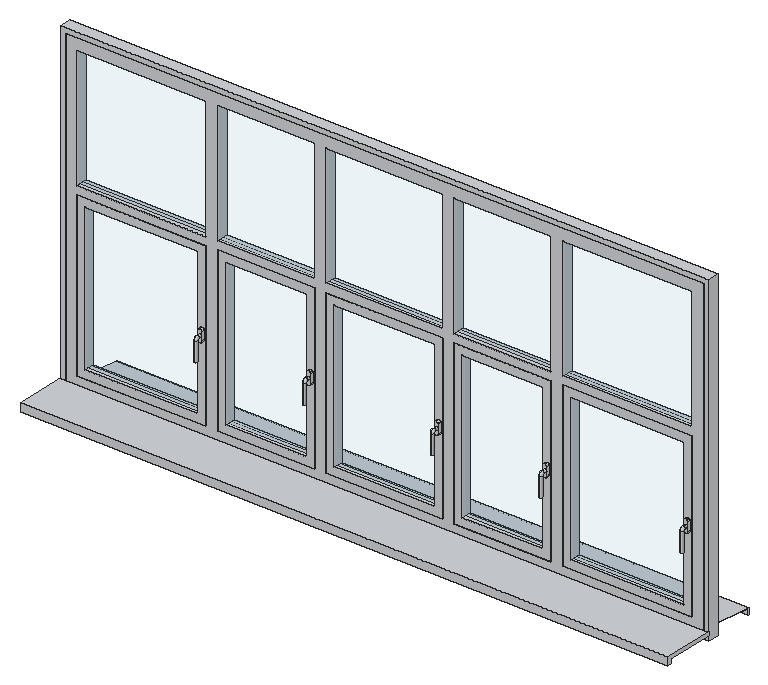
Revit family "AVLN_Окно_Фрамуга_5 створки", category Окна, Revit 2021
Family settings
  Основа = Стена
  Номер OmniClass = 23.30.20.00
  Заголовок OmniClass = Windows
  Всегда вертикально = Да
  При загрузке вырезать с полостями = Нет
  Общий = Нет
  Точка принадлежности помещению = Нет
Parameters (values of type "Для копирования!")
  Ширина рамы = 70 mm
  Ширина импоста = 50 mm
  Четверть слева/справа = 50 mm
  Четверть низ = 0 mm  # constant formula
  Четверть верх = 50 mm
  Фрамуга_снизу_высота = 1000 mm
  Створка_центр_ширина = Width - ((Монтажный зазор * 2) + (Ширина рамы * 6) + Створка_слева_ширина + Створка_справа_ширина + Створка_лево центр_ширина + Створка_право центр_ширина)  # 720 mm
  Низ центр открывание = АВЛН_Створка открывная : Створка повороно-откидная левая
  Низ право центр открывание = АВЛН_Створка открывная : Створка повороно-откидная левая
  Низ право открывание = АВЛН_Створка открывная : Створка повороно-откидная левая
  Низ лево центр открывание = АВЛН_Створка открывная : Створка повороно-откидная левая
  Низ лево открывание = АВЛН_Створка открывная : Створка повороно-откидная левая
  Створка_толщина = 25 mm  # constant formula
  Толщина основы [instance] = 200 mm
  Створка_право центр_ширина = 600 mm
  Створка_справа_ширина = 800 mm
  Створка_слева_ширина = 800 mm
  Створка_профиль = 50 mm
  Створка_лево центр_ширина = 600 mm
  Створка_высота = Height - (Фрамуга_снизу_высота + (Ширина рамы * 2) + Ширина импоста + (Монтажный зазор * 2))  # 750 mm
  Верх центр открывание = АВЛН_Створка открывная : Створка глухая
  Верх право открывание = АВЛН_Створка открывная : Створка глухая
  Верх лево центр открывание = АВЛН_Створка открывная : Створка глухая
  Верх лево открывание = АВЛН_Створка открывная : Створка глухая
  Верх право центр открывание = АВЛН_Створка открывная : Створка глухая
  Rough Width = Width - Монтажный зазор * 2  # 3940 mm
  Rough Height = Height - Монтажный зазор * 2  # 1940 mm
  Подстановочный профиль_Ширина = 20 mm  # constant formula
  Подстановочный профиль_Толщина = 60 mm
  Подоконник_Толщина = 20 mm
  Подоконник_Длина = Width  # 4000 mm
  Подоконник_Глубина = 280 mm
  Подоконник = yes
  Глубина вставки = 0 mm
  Отлив_Толщина = 1 mm  # constant formula
  Отлив_Длина = Width - [Четверть слева/справа] * 2  # 3900 mm
  Отлив_Глубина = 280 mm
  Отлив = yes
  Откос_Н.Ширина = Width - 2 * [Четверть слева/справа]  # 3900 mm
  Откос_Н.Толщина.8 = 32 mm
  Откос_Н.Толщина.7 = 28 mm
  Откос_Н.Толщина.6 = 24 mm
  Откос_Н.Толщина.5 = 20 mm
  Откос_Н.Толщина.4 = 16 mm
  Откос_Н.Толщина.3 = 12 mm
  Откос_Н.Толщина.2 = 8 mm
  Откос_Н.Толщина.1 = 4 mm
  Откос_Н.Отступ_П = 0 mm  # constant formula
  Откос_Н.Отступ_Л = 0 mm  # constant formula
  Откос_Н.Количество слоев = 0
  Откос_Н.Глубина = 150 mm
  Откос_Н.Высота = Height - Четверть верх - Четверть низ  # 1950 mm
  Откос_В.Толщина.8 = 32 mm
  Откос_В.Толщина.7 = 28 mm
  Откос_В.Толщина.6 = 24 mm
  Откос_В.Толщина.5 = 20 mm
  Откос_В.Толщина.4 = 16 mm
  Откос_В.Толщина.3 = 12 mm
  Откос_В.Толщина.2 = 8 mm
  Откос_В.Толщина.1 = 4 mm
  Откос_В.Отступ_П [instance] = Монтажный зазор + Подоконник_Толщина  # 50 mm
  Откос_В.Отступ_Л [instance] = Монтажный зазор + Подоконник_Толщина  # 50 mm
  Откос_В.Количество слоев = 0
  Откос_В.Глубина [instance] = Толщина основы - Глубина вставки - Ширина рамы  # 130 mm
  Монтажный зазор = 30 mm
  М.Подоконник = none
  М.Отлив = none
  М.Откос_Н.8 = none
  М.Откос_Н.7 = none
  М.Откос_Н.6 = none
  М.Откос_Н.5 = none
  М.Откос_Н.4 = none
  М.Откос_Н.3 = none
  М.Откос_Н.2 = none
  М.Откос_Н.1 = none
  М.Откос_В.8 = none
  М.Откос_В.7 = none
  М.Откос_В.6 = none
  М.Откос_В.5 = none
  М.Откос_В.4 = none
  М.Откос_В.3 = none
  М.Откос_В.2 = none
  М.Откос_В.1 = none
  М.Монтажного зазора = none
  М.Стекла = Стекло
  М.Рамы = none
  М.Подоконный профиль = none
  Type Comments = ""
  Height = 2000 mm
  Высота подоконника по умолчанию = 800 mm
  Замыкание стены = По основе
  Width = 4000 mm
  Аналитическая конструкция = "<Нет>"
  АВЛН_Проем_Ширина [instance] = Width  # 4000 mm
  АВЛН_Проем_Высота [instance] = Height  # 2000 mm
  ADSK_Этаж [instance] = ""
  ADSK_Размер_Ширина = Width  # 4000 mm
  ADSK_Размер_Высота = Height  # 2000 mm
  ADSK_Примечание [instance] = ""
  ADSK_Площадь = Height * Width  # 8.00 m²
  ADSK_Обозначение = ""
  ADSK_Номер секции [instance] = ""
  ADSK_Наименование = ""
  ADSK_Марка = ""
  ADSK_Группирование = ""
  -----------Разрезка----------- = "-----------"  # constant formula
  -----------Профили----------- = "-----------"  # constant formula
  -----------Подоконник----------- = "-----------"  # constant formula
  -----------Отлив----------- = "-----------"  # constant formula
  -----------Откос----------- = "-----------"  # constant formula
  -----------Основные габариты----------- = "-----------"  # constant formula
  -----------Вставка----------- = "-----------"  # constant formula
Reference planes
  plane 1 "По центру (Вперед/Назад)": y = 0
  plane 2 "По центру (Влево/Вправо)": x = 0
  plane 3 "Слева": x = -2000
  plane 4 "Справа": x = 2000
  plane 5 "Подоконник": z = 800
  plane 6 "Заголовок": z = 2800
  plane 7 "Наружный": y = 100
  plane 8 "Внутренние": y = -100
  plane 9 "Окно": y = 100
  plane 10: x = 1970
  plane 11: z = 2770
  plane 12: x = -1970
  plane 13: z = 830
  plane 14: x = 1950
  plane 15: x = -1950
  plane 16: z = 1800
  plane 17: y = 600
  plane 18: y = -400
  plane 19: z = 2750
  plane 20 "Чет. низ": z = 800
  plane 21 "Внутренняя грань": y = 30
  plane 22: y = 80
  plane 23 "Импост верх": z = 1950
  plane 24 "Импост низ": z = 1900
  plane 25: z = 900
  plane 26: z = 2700
  plane 27: x = -1900
  plane 28: x = 1900
  plane 29 "4": z = 1925
  plane 30 "5": x = -1100
  plane 31 "6": x = -1030
  plane 32 "7": x = 1030
  plane 33 "8": x = 1100
  plane 34 "9": x = -395
  plane 35 "10": x = 1500
  plane 36 "11": x = -1500
  plane 37 "12": z = 2325
  plane 38 "13": x = -730
  plane 39 "14": x = 730
  plane 40 "15": x = -430
  plane 41 "16": x = -360
  plane 42: z = 1400
  plane 43 "18": x = 395
  plane 44 "19": x = 360
  plane 45 "20": x = 430
  plane 46 "0": x = 0
Forms (mm)
  Extrusion 1, void
    sketch origin (0, 100, 0) x (1, 0, 0) y (0, 0, 1)
      loop
        line (1950, 2750) -> (-1950, 2750) -> (-1950, 800) -> (1950, 800) -> (1950, 2750)
    from -500 to 20
  Extrusion 2, void
    sketch origin (0, 100, 0) x (1, 0, 0) y (0, 0, 1)
      loop
        line (2000, 2800) -> (-2000, 2800) -> (-2000, 800) -> (2000, 800) -> (2000, 2800)
    from 0 to 500
  Extrusion 3, solid, material <- "М.Монтажного зазора", detail levels medium+fine
    sketch origin (0, 100, 0) x (1, 0, 0) y (0, 0, 1)
      loop
        line (2000, 2800) -> (-2000, 2800) -> (-2000, 800) -> (2000, 800) -> (2000, 2800)
      loop
        line (-1970, 2770) -> (-1970, 830) -> (1970, 830) -> (1970, 2770) -> (-1970, 2770)
    from 0 to 70
  Extrusion 4, solid, material <- "М.Рамы", detail levels medium+fine
    sketch origin (0, 100, 0) x (-1, 0, 0) y (0, 0, 1)
      loop
        line (-1970, 2770) -> (-1970, 830) -> (1970, 830) -> (1970, 2770) -> (-1970, 2770)
      loop
        line (1030, 900) -> (1030, 1900) -> (430, 1900) -> (430, 900) -> (1030, 900)
      loop
        line (-1030, 900) -> (-430, 900) -> (-430, 1900) -> (-1030, 1900) -> (-1030, 900)
      loop
        line (-1100, 2700) -> (-1900, 2700) -> (-1900, 1950) -> (-1100, 1950) -> (-1100, 2700)
      loop
        line (-1100, 900) -> (-1100, 1900) -> (-1900, 1900) -> (-1900, 900) -> (-1100, 900)
      loop
        line (1030, 1950) -> (1030, 2700) -> (430, 2700) -> (430, 1950) -> (1030, 1950)
      loop
        line (-1030, 1950) -> (-430, 1950) -> (-430, 2700) -> (-1030, 2700) -> (-1030, 1950)
      loop
        line (360, 1950) -> (360, 2700) -> (-360, 2700) -> (-360, 1950) -> (360, 1950)
      loop
        line (360, 1900) -> (-360, 1900) -> (-360, 900) -> (360, 900) -> (360, 1900)
      loop
        line (1100, 2700) -> (1100, 1950) -> (1900, 1950) -> (1900, 2700) -> (1100, 2700)
      loop
        line (1100, 1900) -> (1100, 900) -> (1900, 900) -> (1900, 1900) -> (1100, 1900)
    from -70 to 0
Lines and regions (mm)
  reference lines
    curve 1: line (-2000, -100, 1925) -> (2000, -100, 1925)
    curve 2: line (-1065, -100, 2800) -> (-1065, -100, 800)
    curve 3: line (1065, -100, 2800) -> (1065, -100, 800)
    curve 4: line (-395, -100, 2800) -> (-395, -100, 800)
Text (mm)
  text "EXTERIOR" at (-1963.203, 1332.353, 0), in view "Опорный уровень"
  text "INTERIOR" at (-1981.466, -818.386, 0), in view "Опорный уровень"
  text "Наружный" at (0, 923.751, 2943.296), in view "Справа"
  text "Наружный" at (0, 1240.237, 2685.409), in view "Слева"
Dimensions and locks
  equal spacing: plane 3 "Слева", plane 2 "По центру (Влево/Вправо)", plane 4 "Справа"
  "Width": plane 3 "Слева" to plane 4 "Справа"
  "Height": plane 5 "Подоконник" to plane 6 "Заголовок"
  "Высота подоконника по умолчанию": plane 5 "Подоконник" to level
  locked: plane 7 "Наружный" to host wall at 0
  locked: plane 8 "Внутренние" to host wall
  "Глубина вставки": plane 9 "Окно" to plane 7 "Наружный"
  "Монтажный зазор": plane 10 to plane 4 "Справа"
  "Монтажный зазор": plane 3 "Слева" to plane 12
  "Монтажный зазор": plane 11 to plane 6 "Заголовок"
  "Монтажный зазор": plane 5 "Подоконник" to plane 13
  "Четверть слева/справа": plane 14 to plane 4 "Справа"
  "Четверть слева/справа": plane 3 "Слева" to plane 15
  equal spacing: plane 5 "Подоконник", plane 16, plane 6 "Заголовок"
  locked: plane 7 "Наружный" to plane 17 at 500
  locked: plane 18 to plane 8 "Внутренние" at 300
  "Четверть верх": plane 19 to plane 6 "Заголовок"
  "Четверть низ": plane 5 "Подоконник" to plane 20 "Чет. низ"
  "Ширина рамы": plane 9 "Окно" to plane 21 "Внутренняя грань"
  "Толщина основы": host wall to host wall
  locked: plane 22 to plane 21 "Внутренняя грань" at 50
  "Ширина импоста": plane 24 "Импост низ" to plane 23 "Импост верх"
  "Ширина рамы": plane 28 to plane 10
  "Ширина рамы": plane 12 to plane 27
  "Ширина рамы": plane 13 to plane 25
  "Ширина рамы": plane 26 to plane 11
  plane 23 "Импост верх" to plane 26 = 750 mm
  "Фрамуга_снизу_высота": plane 25 to plane 24 "Импост низ"
  equal spacing: plane 23 "Импост верх", plane 29 "4", plane 24 "Импост низ"
  "Створка_слева_ширина": plane 27 to plane 30 "5"
  "Ширина рамы": plane 30 "5" to plane 31 "6"
  "Ширина рамы": plane 32 "7" to plane 33 "8"
  "Створка_справа_ширина": plane 33 "8" to plane 28
  equal spacing: plane 32 "7", curve 3, plane 33 "8"
  equal spacing: plane 30 "5", curve 2, plane 31 "6"
  equal spacing: plane 33 "8", plane 35 "10", plane 28
  equal spacing: plane 27, plane 36 "11", plane 30 "5"
  equal spacing: plane 26, plane 37 "12", plane 23 "Импост верх"
  equal spacing: plane 40 "15", plane 34 "9", plane 41 "16"
  "Ширина рамы": plane 40 "15" to plane 41 "16"
  equal spacing: plane 31 "6", plane 38 "13", plane 40 "15"
  equal spacing: plane 45 "20", plane 39 "14", plane 32 "7"
  equal spacing: plane 24 "Импост низ", plane 42, plane 25
  equal spacing: plane 44 "19", plane 43 "18", plane 45 "20"
  "Ширина рамы": plane 44 "19" to plane 45 "20"
  equal spacing: plane 41 "16", plane 46 "0", plane 44 "19"
  "Створка_лево центр_ширина": plane 31 "6" to plane 40 "15"
  "Створка_право центр_ширина": plane 45 "20" to plane 32 "7"
  aligned and locked: Extrusion 1 sketch curve to plane 14
  aligned and locked: Extrusion 1 sketch curve to plane 15
  aligned and locked: Extrusion 1 to plane 17
  aligned and locked: Extrusion 2 sketch curve to plane 6 "Заголовок"
  aligned and locked: Extrusion 2 sketch curve to plane 4 "Справа"
  aligned and locked: plane 5 "Подоконник" to Extrusion 2 sketch curve
  aligned and locked: plane 3 "Слева" to Extrusion 2 sketch curve
  aligned and locked: Extrusion 2 to plane 9 "Окно"
  aligned and locked: Extrusion 2 to plane 18
  aligned and locked: Extrusion 1 sketch curve to plane 19
  aligned and locked: Extrusion 1 sketch curve to plane 20 "Чет. низ"
  aligned and locked: plane 9 "Окно" to nested 1
  aligned and locked: plane 2 "По центру (Влево/Вправо)" to nested 1
  aligned and locked: nested 2 to plane 21 "Внутренняя грань"
  aligned and locked: nested 2 to plane 2 "По центру (Влево/Вправо)"
  aligned and locked: nested 3 to plane 2 "По центру (Влево/Вправо)"
  aligned and locked: plane 8 "Внутренние" to nested 3
  aligned and locked: nested 4 to plane 9 "Окно"
  aligned and locked: Extrusion 3 sketch curve to plane 6 "Заголовок"
  aligned and locked: Extrusion 3 sketch curve to plane 4 "Справа"
  aligned and locked: Extrusion 3 sketch curve to nested 2  (x2)
  aligned and locked: Extrusion 3 sketch curve to plane 11
  aligned and locked: Extrusion 3 sketch curve to plane 12
  aligned and locked: Extrusion 3 sketch curve to plane 13
  aligned and locked: Extrusion 3 sketch curve to plane 10
  aligned and locked: Extrusion 3 to nested 2
  aligned and locked: nested 4 to plane 20 "Чет. низ"
  aligned and locked: nested 4 to plane 2 "По центру (Влево/Вправо)"
  aligned and locked: Extrusion 3 to plane 9 "Окно"
  aligned and locked: Extrusion 4 to plane 21 "Внутренняя грань"
  aligned and locked: Extrusion 4 to plane 9 "Окно"
  aligned and locked: Extrusion 1 to plane 22
  aligned and locked: curve 1 to plane 29 "4"
  aligned and locked: plane 3 "Слева" to curve 1
  aligned and locked: plane 4 "Справа" to curve 1
  aligned and locked: plane 6 "Заголовок" to curve 2
  aligned and locked: plane 6 "Заголовок" to curve 3
  aligned and locked: plane 5 "Подоконник" to curve 3
  aligned and locked: plane 5 "Подоконник" to curve 2
  aligned and locked: plane 34 "9" to curve 4
  aligned and locked: plane 35 "10" to nested 6
  aligned and locked: nested 6 to plane 37 "12"
  aligned and locked: plane 39 "14" to nested 8
  aligned and locked: nested 8 to plane 37 "12"
  aligned and locked: plane 37 "12" to nested 7
  aligned and locked: plane 37 "12" to nested 5
  aligned and locked: plane 36 "11" to nested 5
  aligned and locked: plane 38 "13" to nested 7
  aligned and locked: plane 42 to nested 9
  aligned and locked: plane 36 "11" to nested 9
  aligned and locked: plane 42 to nested 10
  aligned and locked: plane 38 "13" to nested 10
  aligned and locked: plane 42 to nested 11
  aligned and locked: plane 39 "14" to nested 11
  aligned and locked: nested 12 to plane 42
  aligned and locked: plane 35 "10" to nested 12
  aligned and locked: Extrusion 4 sketch curve to plane 10
  aligned and locked: Extrusion 4 sketch curve to plane 13
  aligned and locked: Extrusion 4 sketch curve to plane 12
  aligned and locked: Extrusion 4 sketch curve to plane 11
  aligned and locked: Extrusion 4 sketch curve to plane 25  (x2)
  aligned and locked: plane 25 to Extrusion 4 sketch curve  (x2)
  aligned and locked: plane 24 "Импост низ" to Extrusion 4 sketch curve  (x3)
  aligned and locked: plane 23 "Импост верх" to Extrusion 4 sketch curve  (x3)
  aligned and locked: plane 26 to Extrusion 4 sketch curve  (x3)
  aligned and locked: Extrusion 4 sketch curve to plane 26
  aligned and locked: Extrusion 4 sketch curve to plane 28  (x2)
  aligned and locked: plane 33 "8" to Extrusion 4 sketch curve  (x2)
  aligned and locked: plane 32 "7" to Extrusion 4 sketch curve  (x2)
  aligned and locked: Extrusion 4 sketch curve to plane 41 "16"
  aligned and locked: plane 41 "16" to Extrusion 4 sketch curve
  aligned and locked: Extrusion 4 sketch curve to plane 40 "15"  (x2)
  aligned and locked: plane 31 "6" to Extrusion 4 sketch curve  (x2)
  aligned and locked: plane 30 "5" to Extrusion 4 sketch curve  (x2)
  aligned and locked: Extrusion 4 sketch curve to plane 23 "Импост верх"
  aligned and locked: Extrusion 4 sketch curve to plane 24 "Импост низ"
  aligned and locked: Extrusion 4 sketch curve to plane 27  (x2)
  aligned and locked: plane 37 "12" to nested 13
  aligned and locked: plane 42 to nested 14
  aligned and locked: plane 46 "0" to nested 13
  aligned and locked: plane 46 "0" to nested 14
  aligned and locked: plane 45 "20" to Extrusion 4 sketch curve  (x2)
  aligned and locked: plane 44 "19" to Extrusion 4 sketch curve  (x2)
  aligned and locked: plane 46 "0" to nested 15
  aligned and locked: nested 15 to plane 16
Automatic sketch dimensions
  curve 4 to plane 6 "Заголовок" = 0 mm
  curve 4 to plane 5 "Подоконник" = 0 mm
  plane 23 "Импост верх" to Extrusion 4 sketch curve = 0 mm
  Extrusion 4 sketch curve to plane 24 "Импост низ" = 0 mm
  Extrusion 4 sketch curve to plane 25 = 0 mm
  Extrusion 4 sketch curve to plane 26 = 0 mm
Nested families
  nested 1: "Отлив" at (0, 100, 800) x (-1, 0, 0) z (0, 0, 1), Глубина отлива <- "Отлив_Глубина", Длина отлива <- "Отлив_Длина", ТО <- "Отлив_Толщина", Ш_МЗЗ <- "Монтажный зазор", Ш_ПП <- "Подстановочный профиль_Ширина", ADSK_Группирование <- "ADSK_Группирование", ADSK_Номер секции <- "ADSK_Номер секции", ADSK_Этаж <- "ADSK_Этаж", visible <- "Отлив", М <- "М.Отлив", type "Отлив", detail levels fine
    with Ш_ПП 20 mm, Ш_МЗЗ 30 mm, ТО 1 mm, М none, Длина отлива 3900 mm, Глубина отлива 280 mm, ADSK_Этаж "", ADSK_Примечание "", ADSK_Обозначение "", ADSK_Номер секции "", ADSK_Наименование "", ADSK_Марка "", ADSK_Группирование ""
  nested 2: "Подоконник" at (0, 30, 800), Глубина подоконника <- "Подоконник_Глубина", Длина отлива <- "Подоконник_Длина", ТП <- "Подоконник_Толщина", Ш_МЗЗ <- "Монтажный зазор", Ш_ПП <- "Подстановочный профиль_Ширина", ADSK_Группирование <- "ADSK_Группирование", ADSK_Номер секции <- "ADSK_Номер секции", ADSK_Этаж <- "ADSK_Этаж", visible <- "Подоконник", М <- "М.Подоконник", type "Подоконник", detail levels fine
    with Ш_ПП 20 mm, Ш_МЗЗ 30 mm, ТП 20 mm, М none, Длина отлива 4000 mm, Глубина подоконника 280 mm, ADSK_Этаж "", ADSK_Примечание "", ADSK_Обозначение "", ADSK_Номер секции "", ADSK_Наименование "", ADSK_Марка "", ADSK_Группирование ""
  nested 3: "AVLN_Откосы_R19" at (0, -100, 0), Глубина <- "Откос_В.Глубина", Высота от уровня <- "Высота подоконника по умолчанию", ADSK_Группирование <- "Type Comments", ADSK_Этаж <- "ADSK_Этаж", ADSK_Номер секции <- "ADSK_Номер секции", Материал_1 <- "М.Откос_В.1", Материал_2 <- "М.Откос_В.2", Материал_3 <- "М.Откос_В.3", Материал_4 <- "М.Откос_В.4", Материал_5 <- "М.Откос_В.5", Материал_6 <- "М.Откос_В.6", Материал_7 <- "М.Откос_В.7", Материал_8 <- "М.Откос_В.8", Толщина_1 <- "Откос_В.Толщина.1", Толщина_2 <- "Откос_В.Толщина.2", Толщина_3 <- "Откос_В.Толщина.3", Толщина_4 <- "Откос_В.Толщина.4", Толщина_5 <- "Откос_В.Толщина.5", Толщина_6 <- "Откос_В.Толщина.6", Толщина_7 <- "Откос_В.Толщина.7", Толщина_8 <- "Откос_В.Толщина.8", Количество слоев <- "Откос_В.Количество слоев", Отступ_Л <- "Откос_В.Отступ_Л", Отступ_П <- "Откос_В.Отступ_П", Высота <- "Height", Ширина <- "Width", type "AVLN_Откосы_R19"
    with Ширина_8 3776 mm, Ширина_7 3832 mm, Ширина_6 3880 mm, Ширина_5 3920 mm, Ширина_4 3952 mm, Ширина_3 3976 mm, Ширина_2 3992 mm, Ширина 4000 mm, Толщина_8 32 mm, Толщина_7 28 mm, Толщина_6 24 mm, Толщина_5 20 mm, Толщина_4 16 mm, Толщина_3 12 mm, Толщина_2 8 mm, Толщина_1 4 mm, Отступ_П 50 mm, Отступ_Л 50 mm, Материал_8 none, Материал_7 none, Материал_6 none, Материал_5 none, Материал_4 none, Материал_3 none, Материал_2 none, Материал_1 none, Количество слоев 0, Глубина 130 mm, Высота_8 1888 mm, Высота_7 1916 mm, Высота_6 1940 mm, Высота_5 1960 mm, Высота_4 1976 mm, Высота_3 1988 mm, Высота_2 1996 mm, Высота от уровня 800 mm, Высота 2000 mm, Видимость_8 no, Видимость_7 no, Видимость_6 no, Видимость_5 no, Видимость_4 no, Видимость_3 no, Видимость_2 no, Видимость_1 no, ADSK_Этаж "", ADSK_Номер секции "", ADSK_Группирование ""
  nested 4: "AVLN_Откосы_R19" at (0, 100, 0), Ширина <- "Откос_Н.Ширина", Глубина <- "Откос_Н.Глубина", Высота <- "Откос_Н.Высота", Высота от уровня <- "Высота подоконника по умолчанию", ADSK_Группирование <- "Type Comments", ADSK_Этаж <- "ADSK_Этаж", ADSK_Номер секции <- "ADSK_Номер секции", Материал_1 <- "М.Откос_Н.1", Материал_2 <- "М.Откос_Н.2", Материал_3 <- "М.Откос_Н.3", Материал_4 <- "М.Откос_Н.4", Материал_5 <- "М.Откос_Н.5", Материал_6 <- "М.Откос_Н.6", Материал_7 <- "М.Откос_Н.7", Материал_8 <- "М.Откос_Н.8", Толщина_1 <- "Откос_Н.Толщина.1", Толщина_2 <- "Откос_Н.Толщина.2", Толщина_3 <- "Откос_Н.Толщина.3", Толщина_4 <- "Откос_Н.Толщина.4", Толщина_5 <- "Откос_Н.Толщина.5", Толщина_6 <- "Откос_Н.Толщина.6", Толщина_7 <- "Откос_Н.Толщина.7", Толщина_8 <- "Откос_Н.Толщина.8", Количество слоев <- "Откос_Н.Количество слоев", Отступ_Л <- "Откос_Н.Отступ_Л", Отступ_П <- "Откос_Н.Отступ_П", type "AVLN_Откосы_R19"
    with Ширина_8 3676 mm, Ширина_7 3732 mm, Ширина_6 3780 mm, Ширина_5 3820 mm, Ширина_4 3852 mm, Ширина_3 3876 mm, Ширина_2 3892 mm, Ширина 3900 mm, Толщина_8 32 mm, Толщина_7 28 mm, Толщина_6 24 mm, Толщина_5 20 mm, Толщина_4 16 mm, Толщина_3 12 mm, Толщина_2 8 mm, Толщина_1 4 mm, Отступ_П 0 mm, Отступ_Л 0 mm, Материал_8 none, Материал_7 none, Материал_6 none, Материал_5 none, Материал_4 none, Материал_3 none, Материал_2 none, Материал_1 none, Количество слоев 0, Глубина 150 mm, Высота_8 1838 mm, Высота_7 1866 mm, Высота_6 1890 mm, Высота_5 1910 mm, Высота_4 1926 mm, Высота_3 1938 mm, Высота_2 1946 mm, Высота от уровня 800 mm, Высота 1950 mm, Видимость_8 no, Видимость_7 no, Видимость_6 no, Видимость_5 no, Видимость_4 no, Видимость_3 no, Видимость_2 no, Видимость_1 no, ADSK_Этаж "", ADSK_Номер секции "", ADSK_Группирование ""
  nested 5: "АВЛН_Створка открывная" at (-1500, 30, 2325) x (1, 0, 0) z (0, 1, 0), type <- "Верх лево открывание", Створка высота <- "Створка_высота", Створка ширина <- "Створка_слева_ширина", Ширина рамы <- "Створка_профиль", Материал_Стеклопакет <- "М.Стекла", Материал_Рама <- "М.Рамы", Материал_Ручки <- "М.Рамы", type "Створка глухая", detail levels medium+fine
    with Ширина рамы 50 mm, Створка ширина 800 mm, Створка высота 750 mm, Материал_Стеклопакет Стекло, Материал_Ручки none, Материал_Рама none, Width 800 mm, Height 750 mm
  nested 6: "АВЛН_Створка открывная" at (1500, 30, 2325) x (1, 0, 0) z (0, 1, 0), type <- "Верх право открывание", Створка высота <- "Створка_высота", Створка ширина <- "Створка_справа_ширина", Ширина рамы <- "Створка_профиль", Материал_Стеклопакет <- "М.Стекла", Материал_Рама <- "М.Рамы", Материал_Ручки <- "М.Рамы", type "Створка глухая", detail levels medium+fine
    with Ширина рамы 50 mm, Створка ширина 800 mm, Створка высота 750 mm, Материал_Стеклопакет Стекло, Материал_Ручки none, Материал_Рама none, Width 800 mm, Height 750 mm
  nested 7: "АВЛН_Створка открывная" at (-730, 30, 2325) x (1, 0, 0) z (0, 1, 0), Створка высота <- "Створка_высота", Створка ширина <- "Створка_лево центр_ширина", Ширина рамы <- "Створка_профиль", type <- "Верх лево центр открывание", Материал_Стеклопакет <- "М.Стекла", Материал_Рама <- "М.Рамы", Материал_Ручки <- "М.Рамы", type "Створка глухая", detail levels medium+fine
    with Ширина рамы 50 mm, Створка ширина 600 mm, Створка высота 750 mm, Материал_Стеклопакет Стекло, Материал_Ручки none, Материал_Рама none, Width 800 mm, Height 750 mm
  nested 8: "АВЛН_Створка открывная" at (730, 30, 2325) x (1, 0, 0) z (0, 1, 0), Створка высота <- "Створка_высота", Створка ширина <- "Створка_право центр_ширина", Ширина рамы <- "Створка_профиль", type <- "Верх право центр открывание", Материал_Стеклопакет <- "М.Стекла", Материал_Рама <- "М.Рамы", Материал_Ручки <- "М.Рамы", type "Створка глухая", detail levels medium+fine
    with Ширина рамы 50 mm, Створка ширина 600 mm, Створка высота 750 mm, Материал_Стеклопакет Стекло, Материал_Ручки none, Материал_Рама none, Width 800 mm, Height 750 mm
  nested 9: "АВЛН_Створка открывная" at (-1500, 30, 1400) x (1, 0, 0) z (0, 1, 0), Створка высота <- "Фрамуга_снизу_высота", Створка ширина <- "Створка_слева_ширина", Ширина рамы <- "Створка_профиль", type <- "Низ лево открывание", Материал_Стеклопакет <- "М.Стекла", Материал_Рама <- "М.Рамы", Материал_Ручки <- "М.Рамы", type "Створка повороно-откидная левая", detail levels medium+fine
    with Ширина рамы 50 mm, Створка ширина 800 mm, Створка высота 1000 mm, Материал_Стеклопакет Стекло, Материал_Ручки none, Материал_Рама none, Width 800 mm, Height 750 mm
  nested 10: "АВЛН_Створка открывная" at (-730, 30, 1400) x (1, 0, 0) z (0, 1, 0), Створка высота <- "Фрамуга_снизу_высота", Створка ширина <- "Створка_лево центр_ширина", Ширина рамы <- "Створка_профиль", type <- "Низ лево центр открывание", Материал_Стеклопакет <- "М.Стекла", Материал_Рама <- "М.Рамы", Материал_Ручки <- "М.Рамы", type "Створка повороно-откидная левая", detail levels medium+fine
    with Ширина рамы 50 mm, Створка ширина 600 mm, Створка высота 1000 mm, Материал_Стеклопакет Стекло, Материал_Ручки none, Материал_Рама none
  nested 11: "АВЛН_Створка открывная" at (730, 30, 1400) x (1, 0, 0) z (0, 1, 0), Створка высота <- "Фрамуга_снизу_высота", Створка ширина <- "Створка_право центр_ширина", Ширина рамы <- "Створка_профиль", type <- "Низ право центр открывание", Материал_Стеклопакет <- "М.Стекла", Материал_Рама <- "М.Рамы", Материал_Ручки <- "М.Рамы", type "Створка повороно-откидная левая", detail levels medium+fine
    with Ширина рамы 50 mm, Створка ширина 600 mm, Створка высота 1000 mm, Материал_Стеклопакет Стекло, Материал_Ручки none, Материал_Рама none
  nested 12: "АВЛН_Створка открывная" at (1500, 30, 1400) x (1, 0, 0) z (0, 1, 0), type <- "Низ право открывание", Створка высота <- "Фрамуга_снизу_высота", Створка ширина <- "Створка_справа_ширина", Ширина рамы <- "Створка_профиль", Материал_Стеклопакет <- "М.Стекла", Материал_Рама <- "М.Рамы", Материал_Ручки <- "М.Рамы", type "Створка повороно-откидная левая", detail levels medium+fine
    with Ширина рамы 50 mm, Створка ширина 800 mm, Створка высота 1000 mm, Материал_Стеклопакет Стекло, Материал_Ручки none, Материал_Рама none, Width 800 mm, Height 750 mm
  nested 13: "АВЛН_Створка открывная" at (0, 30, 2325) x (1, 0, 0) z (0, 1, 0), Створка высота <- "Створка_высота", Створка ширина <- "Створка_центр_ширина", Ширина рамы <- "Створка_профиль", type <- "Верх центр открывание", Материал_Стеклопакет <- "М.Стекла", Материал_Рама <- "М.Рамы", Материал_Ручки <- "М.Рамы", type "Створка глухая", detail levels medium+fine
    with Ширина рамы 50 mm, Створка ширина 720 mm, Створка высота 750 mm, Материал_Стеклопакет Стекло, Материал_Ручки none, Материал_Рама none, Width 800 mm, Height 750 mm
  nested 14: "АВЛН_Створка открывная" at (0, 30, 1400) x (1, 0, 0) z (0, 1, 0), Створка высота <- "Фрамуга_снизу_высота", Створка ширина <- "Створка_центр_ширина", Ширина рамы <- "Створка_профиль", type <- "Низ центр открывание", Материал_Стеклопакет <- "М.Стекла", Материал_Рама <- "М.Рамы", Материал_Ручки <- "М.Рамы", type "Створка повороно-откидная левая", detail levels medium+fine
    with Ширина рамы 50 mm, Створка ширина 720 mm, Створка высота 1000 mm, Материал_Стеклопакет Стекло, Материал_Ручки none, Материал_Рама none, Width 800 mm, Height 750 mm
  nested 15: "AVLN_Обозначение проема" at (0, 100, 1800) x (0, 0, -1) z (0, -1, 0), ADSK_Размер_Высота <- "АВЛН_Проем_Ширина", ADSK_Размер_Ширина <- "АВЛН_Проем_Высота", type "AVLN_Обозначение проема", detail levels coarse
    with ADSK_Размер_Ширина 2000 mm, ADSK_Размер_Высота 4000 mm
Definition of nested family "Отлив"
  Parameters (values of type "Отлив")
    Ш_ПП [instance] = 50 mm
    Ш_МЗЗ [instance] = 35 mm
    ТО [instance] = 1 mm
    Default Elevation = 1219.2 mm
    М [instance] = none
    Длина отлива [instance] = 1560 mm
    Глубина отлива [instance] = 280 mm
    ADSK_Этаж [instance] = ""
    ADSK_Примечание [instance] = ""
    ADSK_Обозначение [instance] = ""
    ADSK_Номер секции [instance] = ""
    ADSK_Наименование [instance] = ""
    ADSK_Марка [instance] = ""
    ADSK_Группирование [instance] = ""
  Reference planes
    plane 1 "По центру (Вперед/Назад)": y = 0
    plane 2: z = 0
    plane 3 "По центру (Влево/Вправо)": x = 0
    plane 4: y = -280
    plane 5: x = -780
    plane 6: x = 780
    plane 7: z = 35
    plane 8: z = 85
    plane 9: y = -1
    plane 10: y = -300
    plane 11: y = -301
    plane 12: z = -35
    plane 13: z = 34
  Forms (mm)
    Extrusion 1, solid, material <- "М"
      sketch origin (0, 0, 0) x (0, 1, 0) y (0, 0, 1)
        loop
          line (0, 85) -> (-1, 85) -> (-1, 34.893) -> (-301, 0.893) -> (-301, -35) -> (-300, -35) -> (-300, 0) -> (0, 34) -> (0, 85)
      from -780 to 780
  Dimensions and locks
    equal spacing: plane 5, plane 3 "По центру (Влево/Вправо)", plane 6
    "Длина отлива": plane 5 to plane 6
    "Глубина отлива": plane 4 to plane 1 "По центру (Вперед/Назад)"
    "Ш_МЗЗ": plane 7 to level
    "Ш_ПП": plane 8 to plane 7
    "ТО": plane 1 "По центру (Вперед/Назад)" to plane 9
    "ТО": plane 10 to plane 11
    locked: level to plane 12 at 35
    "ТО": plane 7 to plane 13
    "ТО": Extrusion 1 sketch curve to Extrusion 1 sketch curve
    locked: plane 4 to plane 10 at 20
    aligned and locked: level to plane 2
    aligned and locked: plane 8 to Extrusion 1 sketch curve
    aligned and locked: plane 9 to Extrusion 1 sketch curve
    aligned and locked: plane 11 to Extrusion 1 sketch curve
    aligned and locked: plane 12 to Extrusion 1 sketch curve
    aligned and locked: plane 1 "По центру (Вперед/Назад)" to Extrusion 1 sketch curve  (x2)
    aligned and locked: plane 13 to Extrusion 1 sketch curve
    aligned and locked: level to Extrusion 1 sketch curve
    aligned and locked: plane 10 to Extrusion 1 sketch curve
    aligned and locked: plane 6 to Extrusion 1
    aligned and locked: Extrusion 1 to plane 5
Definition of nested family "Подоконник"
  Parameters (values of type "Подоконник")
    Ш_ПП [instance] = 50 mm
    Ш_МЗЗ [instance] = 35 mm
    ТП [instance] = 20 mm
    Default Elevation = 1219.2 mm
    М [instance] = none
    Длина отлива [instance] = 1560 mm
    Глубина подоконника [instance] = 280 mm
    ADSK_Этаж [instance] = ""
    ADSK_Примечание [instance] = ""
    ADSK_Обозначение [instance] = ""
    ADSK_Номер секции [instance] = ""
    ADSK_Наименование [instance] = ""
    ADSK_Марка [instance] = ""
    ADSK_Группирование [instance] = ""
  Reference planes
    plane 1 "По центру (Вперед/Назад)": y = 0
    plane 2: z = 0
    plane 3 "По центру (Влево/Вправо)": x = 0
    plane 4: y = -280
    plane 5: x = -780
    plane 6: x = 780
    plane 7: z = 35
    plane 8: z = 85
    plane 9: y = -20
    plane 10: y = -290
    plane 11: y = -310
    plane 12: z = -35
    plane 13: z = 15
    plane 14: z = 65
  Forms (mm)
    Extrusion 1, solid, material <- "М"
      sketch origin (0, 0, 0) x (0, 1, 0) y (0, 0, 1)
        loop
          line (0, 85) -> (-310, 85) -> (-310, 0) -> (-290, 0) -> (-290, 65) -> (0, 65) -> (0, 85)
      from -780 to 780
  Dimensions and locks
    equal spacing: plane 5, plane 3 "По центру (Влево/Вправо)", plane 6
    "Длина отлива": plane 5 to plane 6
    "Глубина подоконника": plane 4 to plane 1 "По центру (Вперед/Назад)"
    "Ш_МЗЗ": plane 7 to level
    "Ш_ПП": plane 8 to plane 7
    "ТП": plane 1 "По центру (Вперед/Назад)" to plane 9
    "ТП": plane 10 to plane 11
    locked: level to plane 12 at 35
    "ТП": plane 7 to plane 13
    locked: plane 4 to plane 10 at 10
    "ТП": plane 8 to plane 14
    aligned and locked: level to plane 2
    aligned and locked: plane 8 to Extrusion 1 sketch curve
    aligned and locked: plane 1 "По центру (Вперед/Назад)" to Extrusion 1 sketch curve
    aligned and locked: plane 10 to Extrusion 1 sketch curve
    aligned and locked: plane 11 to Extrusion 1 sketch curve
    aligned and locked: level to Extrusion 1 sketch curve
    aligned and locked: plane 14 to Extrusion 1 sketch curve
    aligned and locked: Extrusion 1 to plane 5
    aligned and locked: plane 6 to Extrusion 1
Definition of nested family "АВЛН_Створка открывная"
  Parameters (values of type "Створка повороно-откидная правая")
    Ширина рамы [instance] = 50 mm
    Width = 600 mm
    Створка ширина [instance] = 800 mm
    Створка высота [instance] = 700 mm
    Материал_Стеклопакет [instance] = none
    Поворотная Правая = yes
    Поворотная Левая = no
    Default Elevation = 1219.2 mm
    Открываная = yes
    Откидная = yes
    Материал_Ручки [instance] = none
    Материал_Рама [instance] = none
    Левая = yes
    Глухое = no
    Height = 1150 mm
    Analytic Construction = "<Нет>"
  Types (6, lengths in mm): name | Поворотная Правая | Поворотная Левая | Открываная | Откидная | Глухое
    Створка повороно-откидная правая | yes | no | yes | yes | no
    Створка повороно-откидная левая | no | yes | yes | yes | no
    Створка глухая | no | no | no | no | yes
    Створка откидная | no | no | yes | yes | no
    Створка поворотная правая | yes | no | yes | no | no
    Створка поворотная левая | no | yes | yes | no | no
  Reference planes
    plane 1 "По центру (Вперед/Назад)": y = 0
    plane 2 "Внутрення грань": z = 0
    plane 3 "По центру (Влево/Вправо)": x = 0
    plane 4: y = 350
    plane 5: x = 400
    plane 6: y = -350
    plane 7: x = -400
    plane 8 "Наружняя грань": z = 60.433
    plane 9 "По центру Л/Р": z = 30.216
  Forms (mm)
    Extrusion 1, solid
      sketch origin (0, 0, 0) x (1, 0, 0) y (0, 1, 0)
        loop
          line (-1219.2, 1219.2) -> (-1219.2, -1219.2) -> (1219.2, -1219.2) -> (1219.2, 1219.2) -> (-1219.2, 1219.2)
      from 0 to -304.8
    Sweep 2, solid, material <- "Материал_Рама", visible <- "Открываная"
      path origin (0, 0, 0) x (1, 0, 0) y (0, 1, 0)
        loop
          line (400, 350) -> (-400, 350) -> (-400, -350) -> (400, -350) -> (400, 350)
      profile origin (0, 350, 0) x (0, -1, 0) y (0, 0, 1)
        loop
          line (0, 0) -> (50, 0) -> (50, 60.433) -> (0, 60.433) -> (0, 0)
    Extrusion 3, solid, material <- "Материал_Стеклопакет", visible <- "Открываная"
      sketch origin (0, 0, 0) x (1, 0, 0) y (0, 1, 0)
        loop
          line (-350, 300) -> (-350, -300) -> (350, -300) -> (350, 300) -> (-350, 300)
      from 17.481 to 42.952
    Extrusion 4, solid, material <- "Материал_Стеклопакет", visible <- "Глухое"
      sketch origin (0, 0, 0) x (1, 0, 0) y (0, 1, 0)
        loop
          line (-400, 350) -> (-400, -350) -> (400, -350) -> (400, 350) -> (-400, 350)
      from 17.481 to 42.952
  Lines and regions (mm)
    model lines, visible <- "Глухое", detail levels medium+fine
      curve 1: line (0, 50, 60.433) -> (0, -50, 60.433)
      curve 2: line (50, 0, 60.433) -> (-50, 0, 60.433)
      curve 17: line (0, 50, 0) -> (0, -50, 0)
      curve 18: line (50, 0, 0) -> (-50, 0, 0)
    model lines, visible <- "Глухое", not visible, detail levels medium+fine
      curve 3: line (60, 38.001, 60.433) -> (60, -61.999, 60.433)
      curve 4: line (110, -11.999, 60.433) -> (10, -11.999, 60.433)
    model lines, visible <- "Поворотная Правая", detail levels medium+fine
      curve 5: line (400, 350, 0) -> (-400, 0, 0)
      curve 6: line (400, -350, 0) -> (-400, 0, 0)
      curve 13: line (400, 350, 60.433) -> (-400, 0, 60.433)
      curve 14: line (400, -350, 60.433) -> (-400, 0, 60.433)
    model lines, visible <- "Откидная", detail levels medium+fine
      curve 7: line (-400, -350, 0) -> (0, 350, 0)
      curve 8: line (0, 350, 0) -> (400, -350, 0)
      curve 15: line (-400, -350, 60.433) -> (0, 350, 60.433)
      curve 16: line (0, 350, 60.433) -> (400, -350, 60.433)
    model lines, visible <- "Поворотная Левая", detail levels medium+fine
      curve 9: line (-400, 350, 0) -> (400, 0, 0)
      curve 10: line (-400, -350, 0) -> (400, 0, 0)
      curve 11: line (-400, 350, 60.433) -> (400, 0, 60.433)
      curve 12: line (-400, -350, 60.433) -> (400, 0, 60.433)
  Dimensions and locks
    "Створка высота": plane 4 to plane 6
    "Створка ширина": plane 7 to plane 5
    equal spacing: plane 7, plane 3 "По центру (Влево/Вправо)", plane 5
    equal spacing: plane 6, plane 1 "По центру (Вперед/Назад)", plane 4
    plane 2 "Внутрення грань" to plane 8 "Наружняя грань" = 60.433 mm
    level to Extrusion 4 = 42.952 mm
    plane 8 "Наружняя грань" to level = 60.433 mm
    equal spacing: Extrusion 3, plane 9 "По центру Л/Р", Extrusion 3
    equal spacing: plane 8 "Наружняя грань", plane 9 "По центру Л/Р", level
    Extrusion 3 to Extrusion 3 = 25.471 mm
    "Ширина рамы": profile plane to Sweep 2 sketch curve
    equal spacing: Extrusion 4, plane 9 "По центру Л/Р", Extrusion 4, locked at 12.735 each
    locked: Extrusion 4 to Extrusion 4 at 25.471
    equal spacing: Sweep 2, nested 1, Sweep 2
    equal spacing: Sweep 2, nested 2, Sweep 2
    aligned and locked: plane 2 "Внутрення грань" to Extrusion 1
    aligned and locked: level to Extrusion 1
    aligned and locked: plane 4 to Sweep 2 sketch curve
    aligned and locked: plane 5 to Sweep 2 sketch curve
    aligned and locked: plane 6 to Sweep 2 sketch curve
    aligned and locked: Sweep 2 sketch curve to plane 7
    aligned and locked: Extrusion 3 sketch curve to Sweep 2  (x4)
    aligned and locked: Extrusion 4 sketch curve to Sweep 2  (x3)
    aligned and locked: Extrusion 4 sketch curve to plane 5
    aligned and locked: Sweep 2 sketch curve to plane 8 "Наружняя грань"
    aligned and locked: plane 6 to Extrusion 4
    aligned and locked: plane 4 to Extrusion 4
    aligned and locked: curve 2 to plane 1 "По центру (Вперед/Назад)"
    aligned and locked: curve 1 to plane 3 "По центру (Влево/Вправо)"
    aligned and locked: curve 18 to plane 1 "По центру (Вперед/Назад)"
    aligned and locked: curve 17 to plane 3 "По центру (Влево/Вправо)"
    aligned and locked: nested 2 to plane 1 "По центру (Вперед/Назад)"
    aligned and locked: nested 1 to plane 1 "По центру (Вперед/Назад)"
  Automatic sketch dimensions
    Extrusion 1 sketch curve to Extrusion 1 sketch curve = 2438.4 mm  (x2)
    plane 1 "По центру (Вперед/Назад)" to curve 5 = 0 mm
    curve 5 to plane 7 = 0 mm
    curve 9 to plane 4 = 0 mm
    curve 9 to plane 7 = 0 mm
    plane 6 to curve 7 = 0 mm
    curve 7 to plane 7 = 0 mm
    curve 7 to plane 3 "По центру (Влево/Вправо)" = 0 mm
    curve 6 to plane 5 = 0 mm
    plane 1 "По центру (Вперед/Назад)" to curve 9 = 0 mm
    curve 9 to plane 5 = 0 mm
    curve 5 to plane 4 = 0 mm
    curve 5 to plane 5 = 0 mm
    plane 6 to curve 8 = 0 mm
    curve 8 to plane 4 = 0 mm
    curve 11 to plane 4 = 0 mm
    curve 11 to plane 7 = 0 mm
    plane 6 to curve 15 = 0 mm
    curve 15 to plane 7 = 0 mm
    plane 1 "По центру (Вперед/Назад)" to curve 14 = 0 mm
    curve 14 to plane 7 = 0 mm
    curve 15 to plane 3 "По центру (Влево/Вправо)" = 0 mm
    plane 1 "По центру (Вперед/Назад)" to curve 11 = 0 mm
    curve 11 to plane 5 = 0 mm
    curve 14 to plane 5 = 0 mm
    curve 13 to plane 4 = 0 mm
    curve 13 to plane 5 = 0 mm
    plane 6 to curve 14 = 0 mm
    curve 15 to plane 4 = 0 mm
    plane 1 "По центру (Вперед/Назад)" to curve 2 = 0 mm
    curve 1 to plane 3 "По центру (Влево/Вправо)" = 0 mm
    curve 2 to plane 3 "По центру (Влево/Вправо)" = 50 mm
    plane 3 "По центру (Влево/Вправо)" to curve 2 = 50 mm
    plane 1 "По центру (Вперед/Назад)" to curve 1 = 50 mm
    curve 1 to plane 1 "По центру (Вперед/Назад)" = 50 mm
    curve 18 to curve 17 = 50 mm
    curve 17 to curve 18 = 50 mm
    plane 1 "По центру (Вперед/Назад)" to curve 17 = 50 mm
    curve 17 to plane 1 "По центру (Вперед/Назад)" = 50 mm
    Sweep 2 sketch curve to level = 0 mm
    Sweep 2 sketch curve to profile plane = 0 mm
  Nested families
    nested 1: "АВЛН_Ручка" at (375, 1040, 0) x (1, 0, 0) z (0, -1, 0), visible <- "Поворотная Левая", Материал дверной ручки <- "Материал_Рама", type "АВЛН_Ручка", detail levels fine
      with Материал дверной ручки none, Высота расположения дверной ручки 1040 mm
    nested 2: "АВЛН_Ручка" at (-375, 1040, 0) x (1, 0, 0) z (0, -1, 0), visible <- "Поворотная Правая", Материал дверной ручки <- "Материал_Рама", type "АВЛН_Ручка", detail levels fine
      with Материал дверной ручки none, Высота расположения дверной ручки 1040 mm
  Definition of nested family "АВЛН_Ручка"
    Parameters (values of type "АВЛН_Ручка")
      Default Elevation = 1219.2 mm
      Материал дверной ручки [instance] = none
      Высота расположения дверной ручки [instance] = 1040 mm
      Analytic Construction = "<Нет>"
      b = 25 mm
      a = 75 mm
    Reference planes
      plane 1 "По центру (Вперед/Назад)": y = 0
      plane 2: z = 0
      plane 3 "По центру (Влево/Вправо)": x = 0
      plane 4: z = 1040
      plane 5: x = 12.5
      plane 6: x = -12.5
      plane 7: z = 1002.5
      plane 8: z = 1077.5
      plane 9: y = -15
    Forms (mm)
      Extrusion 1, solid, material <- "Материал дверной ручки"
        sketch origin (0, 0, 2080) x (-1, 0, 0) y (0, 0, -1)
          loop
            arc (-2.5, 1077.5) -> (-9.571, 1074.571) -> (-12.5, 1067.5) r 10
            line (-12.5, 1067.5) -> (-12.5, 1012.5)
            arc (-12.5, 1012.5) -> (-9.571, 1005.429) -> (-2.5, 1002.5) r 10
            line (-2.5, 1002.5) -> (2.5, 1002.5)
            arc (2.5, 1002.5) -> (9.571, 1005.429) -> (12.5, 1012.5) r 10
            line (12.5, 1012.5) -> (12.5, 1067.5)
            arc (12.5, 1067.5) -> (9.571, 1074.571) -> (2.5, 1077.5) r 10
            line (2.5, 1077.5) -> (-2.5, 1077.5)
        from 0 to 15
      Sweep 2, solid, material <- "Материал дверной ручки"
        path origin (-1040, 0, 1040) x (0, 0, -1) y (0, 1, 0)
          loop
            line (0, -15) -> (0, -38.261)
            arc (0, -38.261) -> (-2.929, -45.332) -> (-10, -48.261) r 10
            line (-10, -48.261) -> (-130, -48.261)
        profile origin (-1040, -26.63, 1040) x (0, 0, -1) y (1, 0, 0)
          loop
            circle (0, 1040) r 8
    Dimensions and locks
      "Высота расположения дверной ручки": plane 4 to level
      "a": plane 7 to plane 8
      "b": plane 6 to plane 5
      plane 6 to plane 5 = 25 mm
      locked: plane 1 "По центру (Вперед/Назад)" to plane 9 at 15
      plane 7 to plane 8 = 75 mm
      aligned and locked: level to plane 2
      aligned and locked: Extrusion 1 sketch curve to plane 7
      aligned and locked: plane 5 to Extrusion 1 sketch curve
      aligned and locked: plane 8 to Extrusion 1 sketch curve
      aligned and locked: Extrusion 1 sketch curve to plane 6
      aligned and locked: Extrusion 1 to plane 1 "По центру (Вперед/Назад)"
    Automatic sketch dimensions
      Sweep 2 sketch curve to plane 9 = 0 mm
      plane 4 to Sweep 2 sketch curve = 10 mm
      plane 9 to Sweep 2 sketch curve = 23.261 mm
      Sweep 2 sketch curve to Sweep 2 sketch curve = 120 mm
      Sweep 2 sketch curve to profile plane = 0 mm
      profile plane to Sweep 2 sketch curve = 1040 mm
      Sweep 2 sketch curve to plane 4 = 0 mm
      plane 3 "По центру (Влево/Вправо)" to Extrusion 1 sketch curve = 2.5 mm  (x2)
      Extrusion 1 sketch curve to plane 3 "По центру (Влево/Вправо)" = 2.5 mm  (x2)
      radius of Sweep 2 sketch curve = 8 mm
Definition of nested family "AVLN_Откосы_R19"
  Parameters (values of type "AVLN_Откосы_R19")
    Ширина_8 [instance] = Ширина_7 - Толщина_7 * 2  # 776 mm
    Ширина_7 [instance] = Ширина_6 - Толщина_6 * 2  # 832 mm
    Ширина_6 [instance] = Ширина_5 - Толщина_5 * 2  # 880 mm
    Ширина_5 [instance] = Ширина_4 - Толщина_4 * 2  # 920 mm
    Ширина_4 [instance] = Ширина_3 - Толщина_3 * 2  # 952 mm
    Ширина_3 [instance] = Ширина_2 - Толщина_2 * 2  # 976 mm
    Ширина_2 [instance] = Ширина - Толщина_1 * 2  # 992 mm
    Ширина [instance] = 1000 mm
    Толщина_8 [instance] = 32 mm
    Толщина_7 [instance] = 28 mm
    Толщина_6 [instance] = 24 mm
    Толщина_5 [instance] = 20 mm
    Толщина_4 [instance] = 16 mm
    Толщина_3 [instance] = 12 mm
    Толщина_2 [instance] = 8 mm
    Толщина_1 [instance] = 4 mm
    Отступ_П [instance] = 0 mm
    Отступ_Л [instance] = 0 mm
    Default Elevation = 1219.2 mm
    Материал_8 [instance] = none
    Материал_7 [instance] = none
    Материал_6 [instance] = none
    Материал_5 [instance] = none
    Материал_4 [instance] = none
    Материал_3 [instance] = none
    Материал_2 [instance] = none
    Материал_1 [instance] = none
    Type Comments = ""
    Количество слоев [instance] = 8
    Глубина [instance] = 200 mm
    Высота_8 [instance] = Высота_7 - Толщина_7  # 1388 mm
    Высота_7 [instance] = Высота_6 - Толщина_6  # 1416 mm
    Высота_6 [instance] = Высота_5 - Толщина_5  # 1440 mm
    Высота_5 [instance] = Высота_4 - Толщина_4  # 1460 mm
    Высота_4 [instance] = Высота_3 - Толщина_3  # 1476 mm
    Высота_3 [instance] = Высота_2 - Толщина_2  # 1488 mm
    Высота_2 [instance] = Высота - Толщина_1  # 1496 mm
    Высота от уровня [instance] = 377.189 mm
    Высота [instance] = 1500 mm
    Видимость_8 [instance] = Количество слоев > 7  # yes
    Видимость_7 [instance] = Количество слоев > 6  # yes
    Видимость_6 [instance] = Количество слоев > 5  # yes
    Видимость_5 [instance] = Количество слоев > 4  # yes
    Видимость_4 [instance] = Количество слоев > 3  # yes
    Видимость_3 [instance] = Количество слоев > 2  # yes
    Видимость_2 [instance] = Количество слоев > 1  # yes
    Видимость_1 [instance] = Количество слоев > 0  # yes
    ADSK_Этаж [instance] = ""
    ADSK_Номер секции [instance] = ""
    ADSK_Группирование [instance] = ""
  Reference planes
    plane 1 "По центру (Вперед/Назад)": y = 0
    plane 2: z = 0
    plane 3 "По центру (Влево/Вправо)": x = 0
    plane 4: y = 200
    plane 5: z = 377.189
  Dimensions and locks
    "Глубина": plane 4 to plane 1 "По центру (Вперед/Назад)"
    "Высота от уровня": plane 5 to level
    aligned and locked: level to plane 2
    aligned and locked: plane 3 "По центру (Влево/Вправо)" to nested 1
    aligned and locked: nested 1 to plane 1 "По центру (Вперед/Назад)"
    aligned and locked: plane 3 "По центру (Влево/Вправо)" to nested 2
    aligned and locked: nested 2 to plane 1 "По центру (Вперед/Назад)"
    aligned and locked: plane 3 "По центру (Влево/Вправо)" to nested 3
    aligned and locked: nested 3 to plane 1 "По центру (Вперед/Назад)"
    aligned and locked: plane 3 "По центру (Влево/Вправо)" to nested 4
    aligned and locked: nested 4 to plane 1 "По центру (Вперед/Назад)"
    aligned and locked: plane 3 "По центру (Влево/Вправо)" to nested 5
    aligned and locked: nested 5 to plane 1 "По центру (Вперед/Назад)"
    aligned and locked: plane 3 "По центру (Влево/Вправо)" to nested 6
    aligned and locked: nested 6 to plane 1 "По центру (Вперед/Назад)"
    aligned and locked: plane 3 "По центру (Влево/Вправо)" to nested 7
    aligned and locked: nested 7 to plane 1 "По центру (Вперед/Назад)"
    aligned and locked: plane 3 "По центру (Влево/Вправо)" to nested 8
    aligned and locked: nested 8 to plane 1 "По центру (Вперед/Назад)"
  Nested families
    nested 1: "Откос_R1" at (0, 100, 377.189), ADSK_Размер_Глубина <- "Глубина", built-in parameter 1001364 <- "Высота от уровня", ADSK_Группирование <- "ADSK_Группирование", ADSK_Номер секции <- "ADSK_Номер секции", ADSK_Этаж <- "ADSK_Этаж", visible <- "Видимость_1", Видимость <- "Видимость_1", Материал <- "Материал_1", ADSK_Размер_Высота <- "Высота", ADSK_Размер_Толщина <- "Толщина_1", ADSK_Размер_Ширина <- "Ширина", Отступ_Л <- "Отступ_Л", Отступ_П <- "Отступ_П", type "Откос_R19 2"
      with Площадь 0.80 m², Отступ_П 0 mm, Отступ_Л 0 mm, Материал none, Видимость yes, ADSK_Этаж "", ADSK_Размер_Ширина 1000 mm, ADSK_Размер_Толщина 4 mm, ADSK_Размер_Глубина 200 mm, ADSK_Размер_Высота 1500 mm, ADSK_Номер секции "", ADSK_Группирование ""
    nested 2: "Откос_R1" at (0, 100, 377.189), ADSK_Размер_Глубина <- "Глубина", built-in parameter 1001364 <- "Высота от уровня", ADSK_Группирование <- "ADSK_Группирование", ADSK_Номер секции <- "ADSK_Номер секции", ADSK_Этаж <- "ADSK_Этаж", visible <- "Видимость_2", Видимость <- "Видимость_2", Материал <- "Материал_2", ADSK_Размер_Высота <- "Высота_2", ADSK_Размер_Толщина <- "Толщина_2", ADSK_Размер_Ширина <- "Ширина_2", Отступ_Л <- "Отступ_Л", Отступ_П <- "Отступ_П", type "Откос_R19 2"
      with Площадь 0.7968 m², Отступ_П 0 mm, Отступ_Л 0 mm, Материал none, Видимость yes, ADSK_Этаж "", ADSK_Размер_Ширина 992 mm, ADSK_Размер_Толщина 8 mm, ADSK_Размер_Глубина 200 mm, ADSK_Размер_Высота 1496 mm, ADSK_Номер секции "", ADSK_Группирование ""
    nested 3: "Откос_R1" at (0, 100, 377.189), ADSK_Размер_Глубина <- "Глубина", built-in parameter 1001364 <- "Высота от уровня", ADSK_Группирование <- "ADSK_Группирование", ADSK_Номер секции <- "ADSK_Номер секции", ADSK_Этаж <- "ADSK_Этаж", visible <- "Видимость_3", Видимость <- "Видимость_3", Материал <- "Материал_3", ADSK_Размер_Высота <- "Высота_3", ADSK_Размер_Толщина <- "Толщина_3", ADSK_Размер_Ширина <- "Ширина_3", Отступ_Л <- "Отступ_Л", Отступ_П <- "Отступ_П", type "Откос_R19 2"
      with Площадь 0.7904 m², Отступ_П 0 mm, Отступ_Л 0 mm, Материал none, Видимость yes, ADSK_Этаж "", ADSK_Размер_Ширина 976 mm, ADSK_Размер_Толщина 12 mm, ADSK_Размер_Глубина 200 mm, ADSK_Размер_Высота 1488 mm, ADSK_Номер секции "", ADSK_Группирование ""
    nested 4: "Откос_R1" at (0, 100, 377.189), ADSK_Размер_Глубина <- "Глубина", built-in parameter 1001364 <- "Высота от уровня", ADSK_Группирование <- "ADSK_Группирование", ADSK_Номер секции <- "ADSK_Номер секции", ADSK_Этаж <- "ADSK_Этаж", visible <- "Видимость_4", Видимость <- "Видимость_4", Материал <- "Материал_4", ADSK_Размер_Высота <- "Высота_4", ADSK_Размер_Толщина <- "Толщина_4", ADSK_Размер_Ширина <- "Ширина_4", Отступ_Л <- "Отступ_Л", Отступ_П <- "Отступ_П", type "Откос_R19 2"
      with Площадь 0.7808 m², Отступ_П 0 mm, Отступ_Л 0 mm, Материал none, Видимость yes, ADSK_Этаж "", ADSK_Размер_Ширина 952 mm, ADSK_Размер_Толщина 16 mm, ADSK_Размер_Глубина 200 mm, ADSK_Размер_Высота 1476 mm, ADSK_Номер секции "", ADSK_Группирование ""
    nested 5: "Откос_R1" at (0, 100, 377.189), ADSK_Размер_Глубина <- "Глубина", built-in parameter 1001364 <- "Высота от уровня", ADSK_Группирование <- "ADSK_Группирование", ADSK_Номер секции <- "ADSK_Номер секции", ADSK_Этаж <- "ADSK_Этаж", visible <- "Видимость_5", Видимость <- "Видимость_5", Материал <- "Материал_5", ADSK_Размер_Высота <- "Высота_5", ADSK_Размер_Толщина <- "Толщина_5", ADSK_Размер_Ширина <- "Ширина_5", Отступ_Л <- "Отступ_Л", Отступ_П <- "Отступ_П", type "Откос_R19 2"
      with Площадь 0.768 m², Отступ_П 0 mm, Отступ_Л 0 mm, Материал none, Видимость yes, ADSK_Этаж "", ADSK_Размер_Ширина 920 mm, ADSK_Размер_Толщина 20 mm, ADSK_Размер_Глубина 200 mm, ADSK_Размер_Высота 1460 mm, ADSK_Номер секции "", ADSK_Группирование ""
    nested 6: "Откос_R1" at (0, 100, 377.189), ADSK_Размер_Глубина <- "Глубина", built-in parameter 1001364 <- "Высота от уровня", ADSK_Группирование <- "ADSK_Группирование", ADSK_Номер секции <- "ADSK_Номер секции", ADSK_Этаж <- "ADSK_Этаж", visible <- "Видимость_6", Видимость <- "Видимость_6", Материал <- "Материал_6", ADSK_Размер_Высота <- "Высота_6", ADSK_Размер_Толщина <- "Толщина_6", ADSK_Размер_Ширина <- "Ширина_6", Отступ_Л <- "Отступ_Л", Отступ_П <- "Отступ_П", type "Откос_R19 2"
      with Площадь 0.752 m², Отступ_П 0 mm, Отступ_Л 0 mm, Материал none, Видимость yes, ADSK_Этаж "", ADSK_Размер_Ширина 880 mm, ADSK_Размер_Толщина 24 mm, ADSK_Размер_Глубина 200 mm, ADSK_Размер_Высота 1440 mm, ADSK_Номер секции "", ADSK_Группирование ""
    nested 7: "Откос_R1" at (0, 100, 377.189), ADSK_Размер_Глубина <- "Глубина", built-in parameter 1001364 <- "Высота от уровня", ADSK_Группирование <- "ADSK_Группирование", ADSK_Номер секции <- "ADSK_Номер секции", ADSK_Этаж <- "ADSK_Этаж", visible <- "Видимость_7", Видимость <- "Видимость_7", Материал <- "Материал_7", ADSK_Размер_Высота <- "Высота_7", ADSK_Размер_Толщина <- "Толщина_7", ADSK_Размер_Ширина <- "Ширина_7", Отступ_Л <- "Отступ_Л", Отступ_П <- "Отступ_П", type "Откос_R19 2"
      with Площадь 0.7328 m², Отступ_П 0 mm, Отступ_Л 0 mm, Материал none, Видимость yes, ADSK_Этаж "", ADSK_Размер_Ширина 832 mm, ADSK_Размер_Толщина 28 mm, ADSK_Размер_Глубина 200 mm, ADSK_Размер_Высота 1416 mm, ADSK_Номер секции "", ADSK_Группирование ""
    nested 8: "Откос_R1" at (0, 100, 377.189), ADSK_Размер_Глубина <- "Глубина", built-in parameter 1001364 <- "Высота от уровня", ADSK_Группирование <- "ADSK_Группирование", ADSK_Номер секции <- "ADSK_Номер секции", ADSK_Этаж <- "ADSK_Этаж", visible <- "Видимость_8", Видимость <- "Видимость_8", Материал <- "Материал_8", ADSK_Размер_Высота <- "Высота_8", ADSK_Размер_Толщина <- "Толщина_8", ADSK_Размер_Ширина <- "Ширина_8", Отступ_Л <- "Отступ_Л", Отступ_П <- "Отступ_П", type "Откос_R19 2"
      with Площадь 0.7104 m², Отступ_П 0 mm, Отступ_Л 0 mm, Материал none, Видимость yes, ADSK_Этаж "", ADSK_Размер_Ширина 776 mm, ADSK_Размер_Толщина 32 mm, ADSK_Размер_Глубина 200 mm, ADSK_Размер_Высота 1388 mm, ADSK_Номер секции "", ADSK_Группирование ""
  Definition of nested family "Откос_R1"
    Parameters (values of type "Откос_R19")
      Площадь [instance] = (ADSK_Размер_Ширина + 2 * ADSK_Размер_Высота) * ADSK_Размер_Глубина  # 2.93564 m²
      Отступ_П [instance] = 0 mm
      Отступ_Л [instance] = 0 mm
      Материал [instance] = none
      Model = "Внутренний слой откоса"  # constant formula
      Видимость [instance] = yes
      ADSK_Этаж [instance] = ""
      ADSK_Размер_Ширина [instance] = 1880 mm
      ADSK_Размер_Толщина [instance] = 164.158 mm
      ADSK_Размер_Глубина [instance] = 560 mm
      ADSK_Размер_Высота [instance] = 1681.106 mm
      ADSK_Примечание = ""
      ADSK_Обозначение = ""
      ADSK_Номер секции [instance] = ""
      ADSK_Наименование = ""
      ADSK_Марка = ""
      ADSK_Группирование [instance] = ""
    Reference planes
      plane 1 "По центру (Вперед/Назад)": y = 0
      plane 2: z = 0
      plane 3 "По центру (Влево/Вправо)": x = 0
      plane 4: x = -940
      plane 5: x = 940
      plane 6: y = 280
      plane 7: y = -280
      plane 8: x = -775.842
      plane 9: z = 1681.106
      plane 10: z = 0
      plane 11: z = 0
    Forms (mm)
      Sweep 1, solid, material <- "Материал", visible <- "Видимость"
        path origin (0, 0, 0) x (1, 0, 0) y (0, 0, 1)
          loop
            line (940, 0) -> (940, 1681.106) -> (-940, 1681.106) -> (-940, 0)
        profile origin (-940, 0, 840.553) x (0, -1, 0) y (1, 0, 0)
          loop
            line (-280, 0) -> (280, 0) -> (280, 164.158) -> (-280, 164.158) -> (-280, 0)
    Dimensions and locks
      equal spacing: plane 6, plane 1 "По центру (Вперед/Назад)", plane 7
      equal spacing: plane 4, plane 3 "По центру (Влево/Вправо)", plane 5
      "ADSK_Размер_Толщина": plane 4 to plane 8
      "ADSK_Размер_Глубина": plane 6 to plane 7
      "ADSK_Размер_Высота": plane 9 to level
      "ADSK_Размер_Ширина": plane 5 to plane 4
      "Отступ_Л": plane 10 to level
      "Отступ_П": plane 11 to level
      aligned and locked: level to plane 2
      aligned and locked: Sweep 1 sketch curve to plane 4
      aligned and locked: Sweep 1 sketch curve to plane 9
      aligned and locked: Sweep 1 sketch curve to plane 5
      aligned and locked: plane 6 to Sweep 1 sketch curve
      aligned and locked: profile plane to Sweep 1 sketch curve
      aligned and locked: Sweep 1 sketch curve to plane 7
      aligned and locked: plane 8 to Sweep 1 sketch curve
      aligned and locked: plane 10 to Sweep 1 sketch curve
      aligned and locked: plane 11 to Sweep 1 sketch curve
Definition of nested family "AVLN_Обозначение проема"
  Parameters (values of type "AVLN_Обозначение проема")
    Длина [instance] = 200 mm
    ADSK_Размер_Ширина [instance] = 1200 mm
    ADSK_Размер_Высота [instance] = 1800 mm
  Reference planes
    plane 1 "По центру (Вперед/Назад)": y = 0
    plane 2: z = 0
    plane 3 "По центру (Влево/Вправо)": x = 0
    plane 4: y = 900
    plane 5: y = -900
    plane 6: x = 600
    plane 7: x = -600
    plane 8: x = -400
    plane 9: y = 700
  Lines and regions (mm)
    Masking region 1, in view "Опорный уровень"
      outline origin (0, 0, 0) x (1, 0, 0) y (0, 1, 0)
        loop
          line (600, 900) -> (-400, 700) -> (-600, -900) -> (600, -900) -> (600, 900)
    Filled region 1, type "Сплошная заливка - Черный", in view "Опорный уровень"
      outline origin (0, 0, 0) x (1, 0, 0) y (0, 1, 0)
        loop
          line (600, 900) -> (-600, 900) -> (-600, -900) -> (-400, 700) -> (600, 900)
  Dimensions and locks
    equal spacing: plane 4, plane 1 "По центру (Вперед/Назад)", plane 5
    equal spacing: plane 7, plane 3 "По центру (Влево/Вправо)", plane 6
    "ADSK_Размер_Высота": plane 4 to plane 5
    "ADSK_Размер_Ширина": plane 7 to plane 6
    "Длина": plane 7 to plane 8
    "Длина": plane 4 to plane 9
    aligned and locked: plane 6 to Masking region 1 sketch curve
    aligned and locked: Masking region 1 sketch curve to plane 5
    aligned and locked: plane 4 to Filled region 1 sketch curve
    aligned and locked: Filled region 1 sketch curve to plane 7
    aligned and locked: plane 5 to Filled region 1 sketch curve
    aligned and locked: Masking region 1 sketch curve to Filled region 1  (x2)
    aligned and locked: plane 8 to Filled region 1 sketch curve
    aligned and locked: plane 9 to Filled region 1 sketch curve
  Automatic sketch dimensions
    Filled region 1 sketch curve to plane 6 = 0 mm
